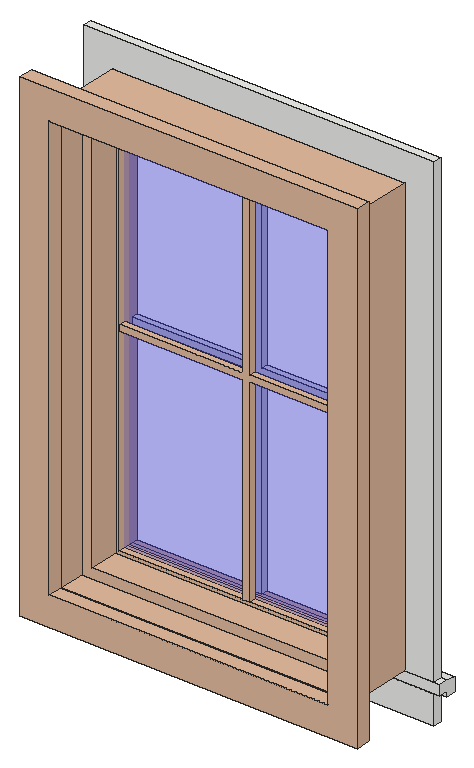
Revit family "d3a10835fad34d089b7ce7234508969d", category Windows, host Wall, Revit 2020
Family settings
  Host = Wall
  OmniClass Number = 23.30.20.17.11
  OmniClass Title = Fixed Windows
  Always vertical = Yes
  Cut with Voids When Loaded = No
  Shared = No
  Room Calculation Point = No
Parameters (values of type "600 x 900mm")
  Window Inset [instance] = 0 mm
  Wall Thickness [instance] = 150 mm
  Visual Light Transmittance = 0.81
  Thermal Resistance (R) = 0.319569 (m²·K)/W
  Solar Heat Gain Coefficient = 0.76
  Rough Width = Width + 15 mm  # 615 mm
  Rough Height = Height + 15 mm  # 915 mm
  Muntin Visibility = yes
  Muntin Pattern = M_Muntin Pattern_2x2 : M_Muntin Pattern_2x2
  Interior Wall Closure [instance] = 54.75 mm
  Interior Trim Visibility [instance] = yes
  Interior Trim Material = Wood - Stained
  Interior Trim = M_Trim-Window-Interior-Flat : Picture Frame
  Height = 900 mm
  Interior Frame Material = Wood - Stained
  Heat Transfer Coefficient (U) = 3.12929 W/(m²·K)
  Glass Panel Material = Glass
  Frame Extension [instance] = if(Exterior Trim Visibility, Window Inset + 6.35 mm, 6.35 mm)  # 6.35 mm
  Fire Rating = "0.5h"
  Exterior Wall Closure [instance] = 31.75 mm
  Exterior Trim Visibility [instance] = yes
  Exterior Trim Material = Clad - White
  Exterior Trim = M_Trim-Window-Exterior-Flat : with Sill
  Exterior Frame Material = Clad - White
  Extension Jamb Visibility [instance] = and(Interior Trim Visibility, Wall Thickness - Window Inset > 95.25 mm)  # yes
  Extension Jamb [instance] = if(Wall Thickness - Window Inset > 95.25 mm, Wall Thickness - Window Inset - 95.25 mm, 25.4 mm)  # 54.75 mm
  Default Sill Height = 900 mm
  Wall Closure = By host
  Width = 600 mm
  Assembly Code = "B2020100"
  Analytic Construction = "Double glazing - domestic"
Reference planes
  plane 1 "Center (Front/Back)": y = 0
  plane 2: z = 0
  plane 3 "Center (Left/Right)": x = 0
  plane 4 "Left": x = -300
  plane 5 "Right": x = 300
  plane 6 "Sill": z = 900
  plane 7 "Top": z = 1800
  plane 8 "Inset Face": y = 75
  plane 9 "Wall Closure": y = -20.25
  plane 10 "Sash Face": y = 87.7
  plane 11 "Exterior": y = 75
  plane 12: x = 287.3
  plane 13: x = -287.3
  plane 14: z = 1787.3
  plane 15: z = 912.7
  plane 16: y = 55.95
  plane 17 "Glass": y = 65.475
  plane 18: y = 94.05
  plane 19: y = 94.05
  plane 20 "Interior": y = -75
  plane 21 "Jamb": y = -20.25
  plane 22 "Middle": z = 1350
  plane 23: z = 1350
  plane 24: x = 268.25
  plane 25: x = 261.9
  plane 26: x = -261.9
  plane 27: x = 261.9
  plane 28: z = 1761.9
  plane 29: z = 938.1
  plane 30: y = -20.25
  plane 31: y = 43.25
  plane 32: y = 94.05
Forms (mm)
  Sweep 1, solid, material "Wood - Stained" <- "Interior Frame Material"
    path origin (0, 87.7, 0) x (-1, 0, 0) y (0, 0, 1)
      loop
        line (-300, 900) -> (300, 900) -> (300, 1800) -> (-300, 1800) -> (-300, 900)
    profile origin (300, 87.7, 1350) x (1, 0, 0) y (0, 1, 0)
      loop
        line (0, 6.35) -> (-12.7, 6.35) -> (-12.7, -44.45) -> (-31.75, -44.45) -> (-31.75, -107.95) -> (0, -107.95) -> (0, 6.35)
  Extrusion 2, solid, material "Wood - Stained" <- "Interior Frame Material", visible <- "Extension Jamb Visibility"
    sketch origin (0, 0, 0) x (1, 0, 0) y (0, 0, 1)
      loop
        line (300, 1800) -> (-300, 1800) -> (-300, 900) -> (300, 900) -> (300, 1800)
      loop
        line (287.3, 912.7) -> (287.3, 1787.3) -> (-287.3, 1787.3) -> (-287.3, 912.7) -> (287.3, 912.7)
    from 20.25 to 75
  Sweep 3, solid, material "Wood - Stained" <- "Interior Frame Material"
    path origin (0, 87.7, 0) x (-1, 0, 0) y (0, 0, 1)
      loop
        line (-287.3, 1787.3) -> (-287.3, 912.7) -> (287.3, 912.7) -> (287.3, 1787.3) -> (-287.3, 1787.3)
    profile origin (287.3, 87.7, 1350) x (0, 1, 0) y (-1, 0, 0)
      loop
        line (0, 0) -> (0, 25.4) -> (-44.45, 25.4) -> (-44.45, 0) -> (0, 0)
  Extrusion 4, solid, material "Glass" <- "Glass Panel Material"
    sketch origin (0, 0, 900) x (0, -1, 0) y (1, 0, 0)
      loop
        line (-75, -261.9) -> (-68.65, -261.9) -> (-68.65, 261.9) -> (-75, 261.9) -> (-75, -261.9)
      loop
        line (-55.95, 261.9) -> (-62.3, 261.9) -> (-62.3, -261.9) -> (-55.95, -261.9) -> (-55.95, 261.9)
    from 38.1 to 861.9
Lines and regions (mm)
  Opening 1
    outline origin (-1524, -75, 0) x (1, 0, 0) y (0, 0, 1)
      loop
        line (1224, 1800) -> (1224, 900) -> (1824, 900) -> (1824, 1800) -> (1224, 1800)
  Split face 1
    outline origin (261.9, 87.7, 938.1) x (-1, 0, 0) y (0, -1, 0)
      loop
        line (523.8, 12.7) -> (0, 12.7)
  Split face 2
    outline origin (261.9, 87.7, 1761.9) x (0, 0, -1) y (0, -1, 0)
      loop
        line (0, 12.7) -> (823.8, 12.7)
  Split face 3
    outline origin (-261.9, 87.7, 938.1) x (0, 0, 1) y (0, -1, 0)
      loop
        line (823.8, 12.7) -> (0, 12.7)
  Split face 4
    outline origin (-261.9, 87.7, 1761.9) x (0, -1, 0) y (1, 0, 0)
      loop
        line (12.7, 0) -> (12.7, 523.8)
  Split face 5
    outline origin (287.3, 43.25, 912.7) x (0, 0, 1) y (0, 1, 0)
      loop
        line (874.6, 31.75) -> (0, 31.75)
  Split face 6
    outline origin (-287.3, 43.25, 912.7) x (1, 0, 0) y (0, 1, 0)
      loop
        line (0, 31.75) -> (574.6, 31.75)
  Split face 7
    outline origin (-287.3, 43.25, 1787.3) x (0, 0, -1) y (0, 1, 0)
      loop
        line (874.6, 44.45) -> (0, 44.45)
  Split face 8
    outline origin (287.3, 43.25, 1787.3) x (0, 1, 0) y (-1, 0, 0)
      loop
        line (44.45, 0) -> (44.45, 574.6)
Text (mm)
  text "EXTERIOR" at (-1490.695, 1293.036, 0), in view "Ref. Level"
  text "INTERIOR" at (-1490.695, -959.266, 0), in view "Ref. Level"
  text "Exterior" at (0, 1108.87, 3129.179), in view "Left"
  text "Exterior" at (0, 464.664, 3176.206), in view "Right"
Dimensions and locks
  equal spacing: plane 4 "Left", plane 3 "Center (Left/Right)", plane 5 "Right"
  "Width": plane 4 "Left" to plane 5 "Right"
  "Height": plane 6 "Sill" to plane 7 "Top"
  "Default Sill Height": plane 2 to plane 6 "Sill"
  locked: plane 10 "Sash Face" to plane 8 "Inset Face" at 12.7
  "Wall Thickness": host wall to host wall
  "Window Inset": plane 11 "Exterior" to plane 8 "Inset Face"
  locked: Sweep 1 sketch curve to plane 5 "Right" at 12.7
  locked: plane 12 to plane 5 "Right" at 12.7
  locked: plane 4 "Left" to plane 13 at 12.7
  locked: plane 14 to plane 7 "Top" at 12.7
  locked: plane 6 "Sill" to plane 15 at 12.7
  plane 16 to Sweep 3 = 12.7 mm
  equal spacing: plane 8 "Inset Face", plane 17 "Glass", plane 16
  locked: plane 8 "Inset Face" to plane 16 at 19.05
  locked: plane 18 to plane 11 "Exterior" at 19.05
  locked: plane 19 to plane 10 "Sash Face" at 6.35
  "Extension Jamb": plane 21 "Jamb" to plane 20 "Interior"
  locked: plane 8 "Inset Face" to plane 9 "Wall Closure" at 95.25
  equal spacing: plane 6 "Sill", plane 23, plane 7 "Top"
  plane 24 to plane 5 "Right" = 31.75 mm
  plane 25 to plane 12 = 25.4 mm
  locked: plane 4 "Left" to plane 26 at 38.1
  locked: plane 7 "Top" to plane 28 at 38.1
  locked: plane 29 to plane 6 "Sill" at 38.1
  locked: plane 27 to plane 5 "Right" at 38.1
  level to host wall = 7010.4 mm
  "Interior Wall Closure": plane 30 to plane 20 "Interior"
  "Exterior Wall Closure": plane 11 "Exterior" to plane 31
  "Frame Extension": plane 32 to plane 10 "Sash Face"
  aligned and locked: plane 7 "Top" to Opening 1 sketch curve
  aligned and locked: plane 6 "Sill" to Opening 1 sketch curve  (x2)
  aligned and locked: plane 5 "Right" to Opening 1 sketch curve
  aligned and locked: plane 4 "Left" to Opening 1 sketch curve
  aligned and locked: level to plane 2
  aligned and locked: host wall to plane 11 "Exterior"
  aligned and locked: plane 5 "Right" to Sweep 1 sketch curve
  aligned and locked: plane 7 "Top" to Sweep 1 sketch curve
  aligned and locked: Sweep 1 sketch curve to plane 4 "Left"
  aligned and locked: Sweep 1 sketch curve to plane 6 "Sill"
  aligned and locked: Extrusion 2 sketch curve to host wall  (x3)
  aligned and locked: plane 7 "Top" to Extrusion 2 sketch curve
  aligned and locked: host wall to Extrusion 2
  aligned and locked: Sweep 3 sketch curve to plane 12  (x2)
  aligned and locked: Sweep 3 sketch curve to plane 15
  aligned and locked: Split face 1 sketch curve to plane 8 "Inset Face"
  aligned and locked: plane 8 "Inset Face" to Split face 2 sketch curve
  aligned and locked: plane 8 "Inset Face" to Split face 3 sketch curve
  aligned and locked: Split face 4 sketch curve to plane 8 "Inset Face"
  aligned and locked: Extrusion 4 sketch curve to plane 8 "Inset Face"
  aligned and locked: Sweep 3 to Extrusion 4 sketch curve
  aligned and locked: Extrusion 4 sketch curve to plane 16
  aligned and locked: Extrusion 4 sketch curve to Sweep 3
  aligned and locked: plane 20 "Interior" to host wall
  aligned and locked: plane 21 "Jamb" to Extrusion 2
  aligned and locked: plane 9 "Wall Closure" to Sweep 1
  aligned and locked: nested 2 to plane 4 "Left"
  aligned and locked: plane 11 "Exterior" to nested 2
  aligned and locked: profile plane to Sweep 3 sketch curve
  aligned and locked: plane 13 to Sweep 3 sketch curve
  aligned and locked: plane 12 to Extrusion 2 sketch curve
  aligned and locked: Extrusion 2 sketch curve to plane 14
  aligned and locked: Extrusion 2 sketch curve to plane 13
  aligned and locked: plane 15 to Extrusion 2 sketch curve
  aligned and locked: plane 23 to plane 22 "Middle"
  aligned and locked: plane 14 to Sweep 3 sketch curve
  aligned and locked: Sweep 1 sketch curve to Sweep 3
  aligned and locked: Sweep 3 sketch curve to plane 25
  aligned and locked: Extrusion 4 sketch curve to plane 25  (x2)
  aligned and locked: Extrusion 4 to Sweep 3  (x2)
  aligned and locked: plane 8 "Inset Face" to Split face 5 sketch curve
  aligned and locked: Split face 6 sketch curve to plane 8 "Inset Face"
  aligned and locked: Split face 7 sketch curve to plane 10 "Sash Face"
  aligned and locked: plane 10 "Sash Face" to Split face 8 sketch curve
  aligned and locked: plane 7 "Top" to nested 2
  aligned and locked: nested 1 to plane 29
  aligned and locked: plane 15 to Extrusion 2
  aligned and locked: Extrusion 2 to plane 14
  aligned and locked: plane 17 "Glass" to nested 1
  aligned and locked: nested 1 to plane 28
  aligned and locked: plane 25 to nested 1
  aligned and locked: plane 26 to nested 1
  aligned and locked: plane 7 "Top" to nested 3
  aligned and locked: nested 3 to plane 3 "Center (Left/Right)"
  aligned and locked: plane 7 "Top" to nested 4
  aligned and locked: plane 3 "Center (Left/Right)" to nested 4
  aligned and locked: plane 32 to Sweep 1 sketch curve
Automatic sketch dimensions
  Sweep 3 sketch curve to plane 10 "Sash Face" = 44.45 mm
  Split face 1 sketch curve to Sweep 3 = 0 mm  (x2)
  Sweep 3 to Split face 2 sketch curve = 0 mm
  Split face 2 sketch curve to Sweep 3 = 0 mm
  Split face 3 sketch curve to Sweep 3 = 0 mm
  Sweep 3 to Split face 3 sketch curve = 0 mm
  Split face 4 sketch curve to Sweep 3 = 0 mm  (x2)
  plane 17 "Glass" to Extrusion 4 sketch curve = 3.175 mm
  Extrusion 4 sketch curve to plane 17 "Glass" = 3.175 mm
  Sweep 1 sketch curve to profile plane = 0 mm
  profile plane to Sweep 1 sketch curve = 31.75 mm
  Sweep 1 sketch curve to plane 10 "Sash Face" = 107.95 mm
  Split face 5 sketch curve to Sweep 1 = 0 mm
  Sweep 1 to Split face 5 sketch curve = 0 mm
  Split face 6 sketch curve to Sweep 1 = 0 mm  (x2)
  Sweep 1 to Split face 7 sketch curve = 0 mm
  Split face 7 sketch curve to Sweep 1 = 0 mm
  Split face 8 sketch curve to Sweep 1 = 0 mm  (x2)
Nested families
  nested 1: "M_Muntin Pattern_2x2" at (0, 65.475, 938.1) x (-1, 0, 0) z (0, 0, 1), type <- "Muntin Pattern", Exterior Material <- "Exterior Frame Material", Interior Material <- "Interior Frame Material", visible <- "Muntin Visibility", type "M_Muntin Pattern_2x2"
    with Width 523.8 mm, Interior Material Wood - Stained, Height 823.8 mm, Exterior Material Clad - White
  nested 2: "M_Plan-Fixed" at (0, 75, 900) x (-1, 0, 0) z (0, 0, 1), Width <- "Width", Wall Thickness <- "Wall Thickness", Height <- "Height", Window Inset <- "Window Inset", type "M_Plan-Fixed"
    with Window Inset of 3D 0 mm, Window Inset 0 mm, Width 600 mm, Wall Thickness 150 mm, Height 900 mm
  nested 3: "M_Trim-Window-Exterior-Flat" at (0, 75, 1800) x (-1, 0, 0) z (0, 1, 0), visible <- "Exterior Trim Visibility", Trim Material <- "Exterior Trim Material", Opening Width <- "Width", Opening Height <- "Height", type <- "Exterior Trim", type "with Sill"
    with Trim Material Clad - White, Opening Width 600 mm, Opening Height 900 mm
  nested 4: "M_Trim-Window-Interior-Flat" at (0, -75, 1800) x (1, 0, 0) z (0, -1, 0), visible <- "Interior Trim Visibility", Trim Material <- "Interior Trim Material", Opening Width <- "Width", Opening Height <- "Height", type <- "Interior Trim", type "Picture Frame"
    with Trim Material Wood - Stained, Opening Width 600 mm, Opening Height 900 mm
Definition of nested family "M_Muntin Pattern_2x2"
  Parameters (values of type "M_Muntin Pattern_2x2")
    Width [instance] = 1200 mm
    Thickness = 12.7 mm
    Height [instance] = 1200 mm
    Interior Material [instance] = none
    Exterior Material [instance] = none
    Distance = 19.05 mm
    Default Elevation = 0 mm
  Reference planes
    plane 1 "Center (Front/Back)": y = 0
    plane 2: z = 0
    plane 3 "Center (Left/Right)": x = 0
    plane 4: z = 1200
    plane 5: x = -600
    plane 6: x = 600
    plane 7: z = 600
    plane 8: y = 9.525
    plane 9: y = 22.225
    plane 10: y = -9.525
    plane 11: y = -22.225
  Forms (mm)
    Extrusion 1, solid, material <- "Interior Material", detail levels fine
      sketch origin (0, 0, 0) x (1, 0, 0) y (0, 0, 1)
        loop
          line (-600, 606.35) -> (-600, 593.65) -> (-6.35, 593.65) -> (-6.35, 0) -> (6.35, 0) -> (6.35, 593.65) -> (600, 593.65) -> (600, 606.35) -> (6.35, 606.35) -> (6.35, 1200) -> (-6.35, 1200) -> (-6.35, 606.35) -> (-600, 606.35)
      from 9.525 to 22.225
    Extrusion 2, solid, material <- "Exterior Material", detail levels fine
      sketch origin (0, 0, 0) x (1, 0, 0) y (0, 0, -1)
        loop
          line (-600, -606.35) -> (-6.35, -606.35) -> (-6.35, -1200) -> (6.35, -1200) -> (6.35, -606.35) -> (600, -606.35) -> (600, -593.65) -> (6.35, -593.65) -> (6.35, 0) -> (-6.35, 0) -> (-6.35, -593.65) -> (-600, -593.65) -> (-600, -606.35)
      from 9.525 to 22.225
  Lines and regions (mm)
    model lines, detail levels medium
      curve 1: line (0, 9.525, 1200) -> (0, 9.525, 0)
      curve 2: line (-600, -9.525, 600) -> (600, -9.525, 600)
      curve 3: line (-600, 9.525, 600) -> (600, 9.525, 600)
      curve 4: line (0, -9.525, 1200) -> (0, -9.525, 0)
  Dimensions and locks
    equal spacing: plane 6, plane 3 "Center (Left/Right)", plane 5
    "Width": plane 6 to plane 5
    "Height": plane 4 to plane 2
    equal spacing: plane 4, plane 7, plane 2
    locked: plane 3 "Center (Left/Right)" to Extrusion 1 sketch curve at 6.35  (x4)
    locked: Extrusion 1 sketch curve to plane 7 at 6.35  (x2)
    locked: plane 7 to Extrusion 1 sketch curve at 6.35  (x2)
    "Thickness": plane 9 to plane 8
    "Thickness": plane 10 to plane 11
    "Distance": plane 8 to plane 10
    equal spacing: plane 8, plane 1 "Center (Front/Back)", plane 10
    aligned and locked: plane 2 to level
    aligned and locked: plane 4 to curve 1
    aligned and locked: plane 5 to curve 2
    aligned and locked: plane 2 to curve 1
    aligned and locked: plane 6 to curve 2
    aligned and locked: Extrusion 1 sketch curve to plane 4
    aligned and locked: Extrusion 1 sketch curve to plane 6
    aligned and locked: Extrusion 1 sketch curve to plane 5
    aligned and locked: Extrusion 1 sketch curve to level
    aligned and locked: Extrusion 1 to plane 11
    aligned and locked: plane 10 to Extrusion 1
    aligned and locked: Extrusion 2 to plane 5
    aligned and locked: plane 6 to Extrusion 2
    aligned and locked: Extrusion 2 to plane 8
    aligned and locked: plane 9 to Extrusion 2
    aligned and locked: Extrusion 2 to plane 2
    aligned and locked: plane 4 to Extrusion 2
    aligned and locked: plane 5 to curve 3
    aligned and locked: plane 6 to curve 3
    aligned and locked: plane 4 to curve 4
    aligned and locked: plane 2 to curve 4
    aligned and locked: plane 8 to curve 3
  Automatic sketch dimensions
    curve 2 to plane 7 = 0 mm
    Extrusion 2 sketch curve to plane 5 = 0 mm
    Extrusion 2 sketch curve to level = 0 mm
    Extrusion 2 sketch curve to plane 4 = 0 mm
    Extrusion 2 sketch curve to plane 6 = 0 mm
    Extrusion 2 sketch curve to plane 3 "Center (Left/Right)" = 6.35 mm  (x2)
    plane 3 "Center (Left/Right)" to Extrusion 2 sketch curve = 6.35 mm  (x2)
    plane 7 to Extrusion 2 sketch curve = 6.35 mm  (x2)
    Extrusion 2 sketch curve to plane 7 = 6.35 mm  (x2)
    curve 4 to plane 3 "Center (Left/Right)" = 0 mm
    curve 4 to level = 0 mm
    curve 4 to plane 4 = 0 mm
    curve 3 to plane 6 = 0 mm
    curve 1 to plane 3 "Center (Left/Right)" = 0 mm
    curve 3 to plane 5 = 0 mm
    curve 3 to plane 7 = 0 mm
Definition of nested family "M_Trim-Window-Exterior-Flat"
  Parameters (values of type "with Sill")
    Trim Width = 60 mm
    Trim Thickness_Picture Frame = 30 mm
    Trim Thickness_with Sill = 19.05 mm
    Trim Material [instance] = none
    Sill Thickness = 30 mm
    Sill = yes
    Picture Frame = no
    Opening Width [instance] = 600 mm
    Opening Height [instance] = 900 mm
    Default Elevation = 1200 mm
  Types (2, lengths in mm): name | Sill | Picture Frame
    with Sill | yes | no
    Picture Frame | no | yes
  Reference planes
    plane 1 "Center (Front/Back)": y = 0
    plane 2: z = 0
    plane 3 "Center (Left/Right)": x = 0
    plane 4: y = 60
    plane 5 "Left": x = -300
    plane 6 "Right": x = 300
    plane 7 "Bottom": y = -900
    plane 8: y = -930
    plane 9: y = -980.432
    plane 10: x = 360
    plane 11: x = -360
    plane 12: z = 19.05
    plane 13: z = 30
    plane 14: x = 372.7
    plane 15: x = -372.7
    plane 16: y = -920.432
    plane 17: y = -960
    plane 18: z = 12.7
    plane 19: y = -450
    plane 20: z = 38.1
  Forms (mm)
    Extrusion 1, solid
      sketch origin (0, 0, 0) x (1, 0, 0) y (0, 1, 0)
        loop
          line (-361.95, 57.15) -> (-361.95, -993.732) -> (361.95, -993.732) -> (361.95, 57.15) -> (-361.95, 57.15)
      from 0 to -304.8
    Extrusion 2, solid, material <- "Trim Material", visible <- "Sill"
      sketch origin (0, 0, 0) x (1, 0, 0) y (0, 1, 0)
        loop
          line (-360, -900) -> (-300, -900) -> (-300, 0) -> (300, 0) -> (300, -900) -> (360, -900) -> (360, 60) -> (-360, 60) -> (-360, -900)
      from 0 to 19.05
    Extrusion 3, solid, material <- "Trim Material", visible <- "Sill"
      sketch origin (0, 0, 0) x (0, 1, 0) y (0, 0, 1)
        loop
          line (-902.458, 38.1) -> (-930, 38.1) -> (-930, 19.05) -> (-920.432, 19.05) -> (-920.432, 0) -> (-900, 0) -> (-900, 19.05) -> (-902.458, 38.1)
      from -372.7 to 372.7
    Extrusion 4, solid, material <- "Trim Material", visible <- "Sill"
      sketch origin (0, 0, 0) x (1, 0, 0) y (0, 1, 0)
        loop
          line (-360, -920.432) -> (-360, -980.432) -> (360, -980.432) -> (360, -920.432) -> (-360, -920.432)
      from 0 to 19.05
    Extrusion 5, solid, material <- "Trim Material", visible <- "Picture Frame"
      sketch origin (0, 0, 0) x (1, 0, 0) y (0, 1, 0)
        loop
          line (-300, 0) -> (-300, -900) -> (300, -900) -> (300, 0) -> (-300, 0)
        loop
          line (-360, 60) -> (-360, -960) -> (360, -960) -> (360, 60) -> (-360, 60)
      from 0 to 30
  Dimensions and locks
    equal spacing: plane 5 "Left", plane 3 "Center (Left/Right)", plane 6 "Right"
    "Opening Width": plane 5 "Left" to plane 6 "Right"
    "Opening Height": plane 7 "Bottom" to plane 1 "Center (Front/Back)"
    "Sill Thickness": plane 7 "Bottom" to plane 8
    "Trim Width": plane 11 to plane 5 "Left"
    "Trim Width": plane 6 "Right" to plane 10
    "Trim Width": plane 1 "Center (Front/Back)" to plane 4
    locked: plane 15 to plane 11 at 12.7
    locked: plane 10 to plane 14 at 12.7
    locked: plane 16 to plane 8 at 9.568
    "Trim Width": plane 9 to plane 16
    "Trim Width": plane 17 to plane 7 "Bottom"
    locked: plane 18 to plane 2 at 12.7
    equal spacing: plane 7 "Bottom", plane 19, plane 1 "Center (Front/Back)"
    locked: plane 20 to plane 12 at 19.05
    "Trim Thickness_with Sill": plane 12 to plane 2
    "Trim Thickness_Picture Frame": plane 13 to plane 2
    aligned and locked: plane 2 to Extrusion 1
    aligned and locked: level to Extrusion 1
    aligned and locked: Extrusion 2 sketch curve to plane 5 "Left"
    aligned and locked: Extrusion 2 sketch curve to plane 11
    aligned and locked: plane 7 "Bottom" to Extrusion 2 sketch curve  (x2)
    aligned and locked: plane 1 "Center (Front/Back)" to Extrusion 2 sketch curve
    aligned and locked: plane 10 to Extrusion 2 sketch curve
    aligned and locked: Extrusion 2 sketch curve to plane 6 "Right"
    aligned and locked: plane 12 to Extrusion 2
    aligned and locked: Extrusion 3 sketch curve to level
    aligned and locked: plane 7 "Bottom" to Extrusion 3 sketch curve
    aligned and locked: Extrusion 3 sketch curve to plane 8
    aligned and locked: plane 15 to Extrusion 3
    aligned and locked: Extrusion 3 to plane 14
    aligned and locked: plane 10 to Extrusion 4 sketch curve
    aligned and locked: Extrusion 4 sketch curve to plane 11
    aligned and locked: plane 16 to Extrusion 4 sketch curve
    aligned and locked: plane 9 to Extrusion 4 sketch curve
    aligned and locked: Extrusion 4 to Extrusion 2
    aligned and locked: Extrusion 2 sketch curve to plane 4
    aligned and locked: plane 1 "Center (Front/Back)" to Extrusion 5 sketch curve
    aligned and locked: Extrusion 5 sketch curve to plane 4
    aligned and locked: Extrusion 5 sketch curve to plane 17
    aligned and locked: plane 7 "Bottom" to Extrusion 5 sketch curve
    aligned and locked: Extrusion 5 sketch curve to plane 6 "Right"
    aligned and locked: plane 10 to Extrusion 5 sketch curve
    aligned and locked: Extrusion 5 sketch curve to plane 5 "Left"
    aligned and locked: Extrusion 5 sketch curve to plane 11
    aligned and locked: plane 13 to Extrusion 5
    aligned and locked: plane 20 to Extrusion 3
  Automatic sketch dimensions
    Extrusion 1 sketch curve to Extrusion 1 sketch curve = 723.9 mm
    Extrusion 1 sketch curve to Extrusion 1 sketch curve = 1050.882 mm
    Extrusion 3 sketch curve to plane 16 = 0 mm
    Extrusion 3 sketch curve to plane 12 = 0 mm  (x2)
    Extrusion 3 sketch curve to plane 7 "Bottom" = 2.458 mm
    plane 13 to Extrusion 3 sketch curve = 8.1 mm
Definition of nested family "M_Trim-Window-Interior-Flat"
  Parameters (values of type "with Sill")
    Trim Thickness_Picture Frame = 30 mm
    Trim Width = 60 mm
    Trim Thickness_with Sill = 20 mm
    Trim Material [instance] = none
    Sill Thickness = 30 mm
    Sill = yes
    Picture Frame = no
    Opening Width [instance] = 600 mm
    Opening Height [instance] = 900 mm
    Default Elevation = 1200 mm
  Types (2, lengths in mm): name | Sill | Picture Frame
    with Sill | yes | no
    Picture Frame | no | yes
  Reference planes
    plane 1 "Center (Front/Back)": y = 0
    plane 2: z = 0
    plane 3 "Center (Left/Right)": x = 0
    plane 4: y = 47.3
    plane 5 "Left": x = -300
    plane 6 "Right": x = 300
    plane 7 "Bottom": y = -900
    plane 8: y = -930
    plane 9: y = -980.432
    plane 10: x = 347.3
    plane 11: x = -347.3
    plane 12: z = 20
    plane 13: z = 30
    plane 14: x = 360
    plane 15: x = -360
    plane 16: y = -920.432
    plane 17: y = -947.3
    plane 18: z = 12.7
    plane 19: x = -287.3
    plane 20: y = -12.7
    plane 21: x = 287.3
    plane 22: y = -887.3
    plane 23: x = -334.6
    plane 24: x = 334.6
    plane 25: y = -450
  Forms (mm)
    Extrusion 1, solid
      sketch origin (0, 0, 0) x (1, 0, 0) y (0, 1, 0)
        loop
          line (-349.25, 44.45) -> (-349.25, -958.85) -> (349.25, -958.85) -> (349.25, 44.45) -> (-349.25, 44.45)
      from 0 to -304.8
    Extrusion 2, solid, material <- "Trim Material", visible <- "Sill"
      sketch origin (0, 0, 0) x (1, 0, 0) y (0, 1, 0)
        loop
          line (-334.6, -900) -> (-287.3, -900) -> (-287.3, 0) -> (287.3, 0) -> (287.3, -900) -> (334.6, -900) -> (334.6, 47.3) -> (-334.6, 47.3) -> (-334.6, -900)
      from 0 to 20
    Extrusion 3, solid, material <- "Trim Material", visible <- "Sill"
      sketch origin (0, 0, 0) x (0, 1, 0) y (0, 0, 1)
        loop
          line (-912.7, 39.05) -> (-920.432, 39.05) -> (-920.432, 0) -> (-900, 0) -> (-900, 26.35)
          arc (-900, 26.35) -> (-903.72, 35.33) -> (-912.7, 39.05) r 12.7
      from -347.3 to 347.3
    Extrusion 4, solid, material <- "Trim Material", visible <- "Sill"
      sketch origin (0, 0, 0) x (1, 0, 0) y (0, 1, 0)
        loop
          line (-334.6, -920.432) -> (-334.6, -980.432) -> (334.6, -980.432) -> (334.6, -920.432) -> (-334.6, -920.432)
      from 0 to 20
    Extrusion 5, solid, material <- "Trim Material", visible <- "Picture Frame"
      sketch origin (0, 0, 0) x (1, 0, 0) y (0, 1, 0)
        loop
          line (-287.3, -12.7) -> (-287.3, -887.3) -> (287.3, -887.3) -> (287.3, -12.7) -> (-287.3, -12.7)
        loop
          line (-347.3, 47.3) -> (-347.3, -947.3) -> (347.3, -947.3) -> (347.3, 47.3) -> (-347.3, 47.3)
      from 0 to 30
  Dimensions and locks
    equal spacing: plane 5 "Left", plane 3 "Center (Left/Right)", plane 6 "Right"
    "Opening Width": plane 5 "Left" to plane 6 "Right"
    "Opening Height": plane 7 "Bottom" to plane 1 "Center (Front/Back)"
    "Sill Thickness": plane 7 "Bottom" to plane 8
    "Trim Width": plane 11 to plane 19
    "Trim Width": plane 21 to plane 10
    "Trim Width": plane 20 to plane 4
    "Trim Thickness_with Sill": plane 12 to plane 2
    locked: plane 15 to plane 11 at 12.7
    locked: plane 10 to plane 14 at 12.7
    locked: plane 16 to plane 8 at 9.568
    "Trim Width": plane 9 to plane 16
    "Trim Width": plane 17 to plane 22
    plane 20 to plane 1 "Center (Front/Back)" = 12.7 mm
    plane 5 "Left" to plane 19 = 12.7 mm
    plane 21 to plane 6 "Right" = 12.7 mm
    plane 22 to plane 7 "Bottom" = 12.7 mm
    locked: plane 11 to plane 23 at 12.7
    locked: plane 24 to plane 10 at 12.7
    equal spacing: plane 7 "Bottom", plane 25, plane 1 "Center (Front/Back)"
    "Trim Thickness_Picture Frame": plane 13 to plane 2
    locked: Extrusion 3 to plane 12 at 19.05
    locked: plane 12 to Extrusion 3 sketch curve at 19.05
    radius of Extrusion 3 sketch curve = 12.7 mm
    aligned and locked: plane 2 to Extrusion 1
    aligned and locked: level to Extrusion 1
    aligned and locked: plane 7 "Bottom" to Extrusion 2 sketch curve  (x2)
    aligned and locked: plane 1 "Center (Front/Back)" to Extrusion 2 sketch curve
    aligned and locked: plane 12 to Extrusion 2
    aligned and locked: Extrusion 3 sketch curve to level
    aligned and locked: plane 7 "Bottom" to Extrusion 3 sketch curve
    aligned and locked: plane 16 to Extrusion 4 sketch curve
    aligned and locked: plane 9 to Extrusion 4 sketch curve
    aligned and locked: Extrusion 2 sketch curve to plane 4
    aligned and locked: Extrusion 5 sketch curve to plane 4
    aligned and locked: Extrusion 5 sketch curve to plane 17
    aligned and locked: plane 10 to Extrusion 5 sketch curve
    aligned and locked: Extrusion 5 sketch curve to plane 11
    aligned and locked: plane 13 to Extrusion 5
    aligned and locked: Extrusion 5 sketch curve to plane 20
    aligned and locked: Extrusion 5 sketch curve to plane 19
    aligned and locked: Extrusion 5 sketch curve to plane 21
    aligned and locked: plane 22 to Extrusion 5 sketch curve
    aligned and locked: Extrusion 4 to plane 24
    aligned and locked: plane 11 to Extrusion 3
    aligned and locked: Extrusion 3 to plane 10
    aligned and locked: Extrusion 2 sketch curve to plane 21
    aligned and locked: Extrusion 2 sketch curve to plane 24
    aligned and locked: Extrusion 2 sketch curve to plane 19
    aligned and locked: Extrusion 2 sketch curve to plane 23
    aligned and locked: plane 12 to Extrusion 4
  Automatic sketch dimensions
    Extrusion 1 sketch curve to Extrusion 1 sketch curve = 698.5 mm
    Extrusion 1 sketch curve to Extrusion 1 sketch curve = 1003.3 mm
    Extrusion 3 sketch curve to plane 16 = 0 mm
    Extrusion 4 sketch curve to plane 11 = 12.7 mm
    Extrusion 4 sketch curve to plane 24 = 0 mm
Definition of nested family "M_Plan-Fixed"
  Parameters (values of type "M_Plan-Fixed")
    Window Inset [instance] = 25 mm
    Window Inset of 3D [instance] = if(Window Inset - 12.7 mm < 0 mm, 0 mm, if(Window Inset - 12.7 mm < Wall Thickness - 88.9 mm, Window Inset - 12.7 mm, Wall Thickness - 88.9 mm))  # 12.3 mm
    Width [instance] = 1200 mm
    Wall Thickness [instance] = 150 mm
    Height [instance] = 900 mm
    Default Elevation = 1200 mm
    Analytic Construction = "<None>"
  Reference planes
    plane 1 "Center (Front/Back)": y = 0
    plane 2: z = 0
    plane 3 "Center (Left/Right)": x = 0
    plane 4: x = -600
    plane 5: x = 600
    plane 6 "Jamb": y = -101.2
    plane 7: x = -587.3
    plane 8: x = -568.25
    plane 9: y = -12.3
    plane 10: y = -56.75
    plane 11: y = -34.525
    plane 12: x = -561.9
    plane 13: x = 587.3
    plane 14: x = 568.25
    plane 15: x = 561.9
    plane 16 "Window Inset": y = -25
    plane 17 "Wall": y = -150
    plane 18: z = 900
    plane 19: z = 887.3
    plane 20: z = 12.7
    plane 21: z = 868.25
    plane 22: z = 31.75
    plane 23: z = 861.9
    plane 24: z = 38.1
  Lines and regions (mm)
    Masking region 1
      outline origin (0, 19.05, 0) x (1, 0, 0) y (0, 1, 0)
        loop
          line (-600, -169.05) -> (600, -169.05) -> (600, -19.05) -> (-600, -19.05) -> (-600, -169.05)
    Masking region 2
      outline origin (0, 0, 0) x (0, 1, 0) y (0, 0, 1)
        loop
          line (-150, 900) -> (-150, 0) -> (0, 0) -> (0, 900) -> (-150, 900)
    symbolic lines
      curve 1: line (-587.3, -56.75, 0) -> (-568.25, -56.75, 0)
      curve 2: line (-568.25, -56.75, 0) -> (-568.25, -101.2, 0)
      curve 3: line (-587.3, -12.3, 0) -> (-587.3, -56.75, 0)
      curve 4: line (-600, -12.3, 0) -> (-561.9, -12.3, 0)
      curve 5: line (-561.9, -12.3, 0) -> (-561.9, -56.75, 0)
      curve 6: line (-561.9, -56.75, 0) -> (-568.25, -56.75, 0)
      curve 7: line (-561.9, -34.525, 0) -> (561.9, -34.525, 0)
      curve 8: line (587.3, -56.75, 0) -> (568.25, -56.75, 0)
      curve 9: line (568.25, -56.75, 0) -> (568.25, -101.2, 0)
      curve 10: line (587.3, -12.3, 0) -> (587.3, -56.75, 0)
      curve 11: line (561.9, -12.3, 0) -> (561.9, -56.75, 0)
      curve 12: line (561.9, -56.75, 0) -> (568.25, -56.75, 0)
      curve 13: line (-600, -101.2, 0) -> (-568.25, -101.2, 0)
      curve 14: line (568.25, -101.2, 0) -> (600, -101.2, 0)
      curve 15: line (0, -12.3, 887.3) -> (0, -56.75, 887.3)
      curve 16: line (0, -56.75, 868.25) -> (0, -101.2, 868.25)
      curve 17: line (0, -101.2, 0) -> (0, -101.2, 31.75)
      curve 18: line (0, -12.3, 12.7) -> (0, -56.75, 12.7)
      curve 19: line (0, -56.75, 12.7) -> (0, -56.75, 38.1)
      curve 20: line (0, -56.75, 31.75) -> (0, -101.2, 31.75)
      curve 21: line (0, -12.3, 900) -> (0, -12.3, 861.9)
      curve 22: line (0, -12.3, 861.9) -> (0, -56.75, 861.9)
      curve 23: line (0, -56.75, 38.1) -> (0, -12.3, 38.1)
      curve 24: line (0, -34.525, 38.1) -> (0, -34.525, 861.9)
      curve 25: line (0, -56.75, 887.3) -> (0, -56.75, 861.9)
      curve 26: line (561.9, -12.3, 0) -> (600, -12.3, 0)
      curve 27: line (0, -101.2, 868.25) -> (0, -101.2, 900)
      curve 28: line (0, -12.3, 38.1) -> (0, -12.3, 0)
      curve 29: line (-561.9, -12.3, 0) -> (561.9, -12.3, 0)
      curve 30: line (568.25, -101.2, 0) -> (-568.25, -101.2, 0)
      curve 31: line (0, -12.3, 861.9) -> (0, -12.3, 38.1)
      curve 32: line (0, -101.2, 31.75) -> (0, -101.2, 868.25)
  Dimensions and locks
    "Width": plane 4 to plane 5
    equal spacing: plane 4, plane 3 "Center (Left/Right)", plane 5
    plane 4 to plane 7 to plane 8 = 12.7 mm locked, 19.05 mm locked
    equal spacing: plane 9, plane 11, plane 10
    plane 5 to plane 13 to plane 14 = 12.7 mm locked, 19.05 mm locked
    locked: plane 9 to plane 16 "Window Inset" at 12.7
    locked: plane 9 to plane 10 at 44.45
    "Wall Thickness": plane 17 "Wall" to plane 1 "Center (Front/Back)"
    "Height": plane 18 to plane 2
    locked: plane 18 to plane 19 at 12.7
    locked: plane 20 to plane 2 at 12.7
    locked: plane 19 to plane 21 at 19.05
    locked: plane 22 to plane 20 at 19.05
    locked: plane 10 to plane 6 "Jamb" at 44.45
    "Window Inset of 3D": plane 9 to plane 1 "Center (Front/Back)"
    locked: plane 7 to plane 12 at 25.4
    locked: plane 15 to plane 13 at 25.4
    locked: plane 19 to plane 23 at 25.4
    locked: plane 24 to plane 20 at 25.4
    aligned and locked: plane 2 to level
    aligned and locked: curve 2 to plane 8
    aligned and locked: curve 1 to plane 10
    aligned and locked: plane 4 to Masking region 1 sketch curve
    aligned and locked: Masking region 1 sketch curve to plane 5
    aligned and locked: plane 14 to curve 9
    aligned and locked: Masking region 1 sketch curve to plane 17 "Wall"
    aligned and locked: curve 13 to plane 6 "Jamb"
    aligned and locked: curve 14 to plane 6 "Jamb"
    aligned and locked: plane 1 "Center (Front/Back)" to Masking region 1 sketch curve
    aligned and locked: Masking region 2 sketch curve to plane 18
    aligned and locked: plane 17 "Wall" to Masking region 2 sketch curve
    aligned and locked: level to Masking region 2 sketch curve
    aligned and locked: plane 6 "Jamb" to curve 17
    aligned and locked: plane 21 to curve 16
    aligned and locked: plane 19 to curve 15
    aligned and locked: plane 22 to curve 20
    aligned and locked: plane 10 to curve 19  (x2)
    aligned and locked: plane 20 to curve 18
    aligned and locked: curve 21 to plane 9
    aligned and locked: plane 23 to curve 22
    aligned and locked: curve 23 to plane 24
    aligned and locked: plane 11 to curve 24
    aligned and locked: plane 4 to curve 4
    aligned and locked: plane 5 to curve 26
    aligned and locked: plane 18 to curve 21
    aligned and locked: plane 9 to curve 15
    aligned and locked: plane 9 to curve 18
    aligned and locked: plane 2 to curve 28
    aligned and locked: plane 9 to curve 3
    aligned and locked: plane 9 to curve 10
    aligned and locked: curve 25 to plane 10
    aligned and locked: plane 19 to curve 25
    aligned and locked: plane 23 to curve 25
    aligned and locked: plane 2 to curve 17
    aligned and locked: curve 26 to plane 9
    aligned and locked: curve 4 to plane 9
    aligned and locked: curve 5 to plane 12
    aligned and locked: plane 15 to curve 11
    aligned and locked: curve 7 to plane 11
    aligned and locked: curve 12 to plane 10
    aligned and locked: plane 10 to curve 8
    aligned and locked: plane 6 "Jamb" to curve 27
  Automatic sketch dimensions
    Masking region 2 sketch curve to plane 1 "Center (Front/Back)" = 0 mm
    curve 13 to plane 4 = 0 mm
    curve 3 to plane 7 = 0 mm
    curve 10 to plane 13 = 0 mm
    curve 14 to plane 5 = 0 mm
    curve 18 to plane 20 = 0 mm
    curve 27 to plane 18 = 0 mm
